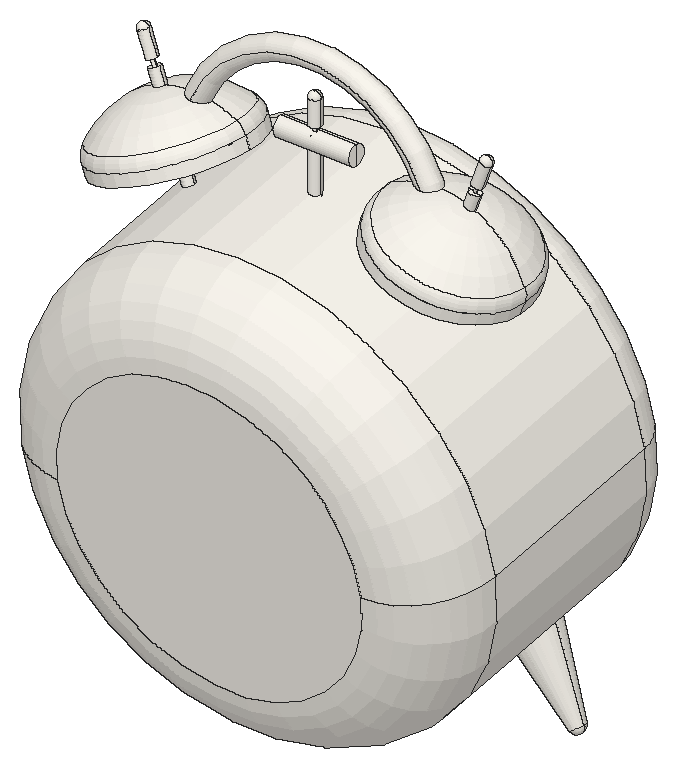
Revit family "Relógio de mesa analógico", category Furniture, Revit 2016
Family settings
  OmniClass Number = 23.40.20.00
  OmniClass Title = General Furniture and Specialties
  Work Plane-Based = No
  Always vertical = Yes
  Cut with Voids When Loaded = No
  Shared = No
  Room Calculation Point = No
Parameters
  Ponteiro = PVC preto
  Pernas = inox
  Marcadores = PVC preto
  Fundo = PVC branco
  Corpo = inox
  Alarme = inox
Reference planes (cm)
  plane 1 "Centro (Frente/Trás)": y = 0
  plane 2: z = 0
  plane 3 "Centro (Esquerda/Direita)": x = 0
Forms (cm)
  Extrusion 1, solid, material "inox" <- "Corpo"
    sketch origin (0, 0.9507, 1.0838) x (1, 0, 0) y (0, -0.173648, 0.984808)
      loop
        circle (0, 6) r 6
    from 0 to 8
  Sweep 2, void
    path in 3D
      loop
        arc (6, -7.9696, 5.6034) -> (0, -6.9277, -0.3054) -> (-6, -7.9696, 5.6034) r 6
        arc (-6, -7.9696, 5.6034) -> (0, -9.0115, 11.5123) -> (6, -7.9696, 5.6034) r 6
    profile origin (0, -9.0115, 11.5123) x (0, -0.173648, 0.984808) y (0, -0.984808, -0.173648)
      loop
        line (0, 0) -> (-2, 0)
        arc (-2, 0) -> (-0.5858, -0.5858) -> (0, -2) r 2
        line (0, -2) -> (0, 0)
  Extrusion 3, void
    sketch origin (0, 0.9507, 1.0838) x (1, 0, 0) y (0, -0.173648, 0.984808)
      loop
        circle (0, 6) r 4.5
    from 0 to 1
  Sweep 4, void
    path in 3D
      loop
        arc (-6, -0.0912, 6.9926) -> (0, 0.9507, 1.0838) -> (6, -0.0912, 6.9926) r 6
        arc (6, -0.0912, 6.9926) -> (0, -1.133, 12.9015) -> (-6, -0.0912, 6.9926) r 6
    profile origin (0, -1.133, 12.9015) x (0, -0.173648, 0.984808) y (0, 0.984808, 0.173648)
      loop
        line (0, 0) -> (-1, 0)
        arc (-1, 0) -> (-0.2929, -0.2929) -> (0, -1) r 1
        line (0, -1) -> (0, 0)
  Revolve 5, solid, material "inox" <- "Pernas"
    sketch origin (5.0063, -2, 0.1103) x (0.866025, 0, 0.5) y (-0.5, 0, 0.866025)
      loop
        arc (0.0474, 0) -> (0.1754, 0.0452) -> (0.245, 0.1618) r 0.2
        line (0.245, 0.1618) -> (0.8556, 3.303) -> (0.0474, 3.303) -> (0.0474, 0)
      axis (0.0474, 0) -> (0.0474, 3.303)
    angle from 0 to 360
  Revolve 6, solid, material "inox" <- "Pernas"
    sketch origin (-5.0063, -2, 0.1103) x (-0.866025, 0, 0.5) y (-0.5, 0, -0.866025)
      loop
        line (0.0474, 0) -> (0.0474, -3.303) -> (0.8556, -3.303) -> (0.245, -0.1618)
        arc (0.245, -0.1618) -> (0.1754, -0.0452) -> (0.0474, 0) r 0.2
      axis (0.0474, 0) -> (0.0474, -3.303)
    angle from 0 to 360
  Revolve 7, solid, material "inox" <- "Alarme"
    sketch origin (2.0438, -4.5, 0.9073) x (0.939693, 0, 0.34202) y (-0.34202, 0, 0.939693)
      loop
        line (-1.5, 12.3563) -> (-1.5, 13.8519)
        arc (-1.5, 13.8519) -> (-2.5286, 13.6305) -> (-3.375, 13.0055) r 2.5
        arc (-3.375, 13.0055) -> (-3.4677, 12.8516) -> (-3.5, 12.6748) r 0.5
        line (-3.5, 12.6748) -> (-3.5, 12.3563) -> (-1.5, 12.3563)
      axis (-1.5, 12.3563) -> (-1.5, 13.8519)
    angle from 0 to 360
  Sweep 8, solid, material "inox" <- "Alarme"
    path origin (0, -4.5, 0) x (1, 0, 0) y (0, 0, 1)
      loop
        arc (3.3238, 12.2211) -> (0, 15.5449) -> (-3.3238, 12.2211) r 3.3238
    profile origin (0, -4.5, 15.5449) x (0, 0, -1) y (0, -1, 0)
      loop
        circle (0, 0) r 0.3
  Revolve 9, solid, material "inox" <- "Alarme"
    sketch origin (0, -4.4717, 0) x (1, 0, 0) y (0, 0, 1)
      loop
        arc (-4.5837, 14.7305) -> (-4.6683, 14.6529) -> (-4.6733, 14.5382) r 0.15
        line (-4.6733, 14.5382) -> (-4.4495, 13.9232) -> (-4.3492, 13.9597) -> (-4.2792, 13.7673) -> (-4.3794, 13.7308) -> (-3.4763, 11.2493) -> (-3.3353, 11.3006) -> (-4.5837, 14.7305)
      axis (-3.3353, 11.3006) -> (-4.5837, 14.7305)
    angle from 0 to 360
  Revolve 10, solid, material "inox" <- "Alarme"
    sketch origin (4.3021, -4.4717, 0.6563) x (1, 0, 0) y (0, 0, 1)
      loop
        arc (-4.3021, 14.0302) -> (-4.4081, 13.9862) -> (-4.4521, 13.8802) r 0.15
        line (-4.4521, 13.8802) -> (-4.4521, 13.2256) -> (-4.3454, 13.2256) -> (-4.3454, 13.0209) -> (-4.4521, 13.0209) -> (-4.4521, 10.3802) -> (-4.3021, 10.3802) -> (-4.3021, 14.0302)
      axis (-4.3021, 10.3802) -> (-4.3021, 14.0302)
    angle from 0 to 360
  Revolve 11, solid, material "inox" <- "Alarme"
    sketch origin (0, -4.4375, 0) x (1, 0, 0) y (0, 0, 1)
      loop
        line (1.0637, 13.5132) -> (1.0637, 13.7632) -> (-0.9363, 13.7632) -> (-0.9363, 13.5132) -> (1.0637, 13.5132)
      axis (1.0637, 13.5132) -> (-0.9363, 13.5132)
    angle from 0 to 360
  Revolve 12, solid, material "inox" <- "Alarme"
    sketch origin (-2.0438, -4.5, 0.9073) x (-0.939693, 0, 0.34202) y (-0.34202, 0, -0.939693)
      loop
        line (-1.5, -12.3563) -> (-3.5, -12.3563) -> (-3.5, -12.6748)
        arc (-3.5, -12.6748) -> (-3.4677, -12.8516) -> (-3.375, -13.0055) r 0.5
        arc (-3.375, -13.0055) -> (-2.5286, -13.6305) -> (-1.5, -13.8519) r 2.5
        line (-1.5, -13.8519) -> (-1.5, -12.3563)
      axis (-1.5, -12.3563) -> (-1.5, -13.8519)
    angle from 0 to 360
  Revolve 13, solid, material "inox" <- "Alarme"
    sketch origin (0, -4.4717, 0) x (-1, 0, 0) y (0, 0, -1)
      loop
        line (-4.5837, -14.7305) -> (-3.3353, -11.3006) -> (-3.4763, -11.2493) -> (-4.3794, -13.7308) -> (-4.2792, -13.7673) -> (-4.3492, -13.9597) -> (-4.4495, -13.9232) -> (-4.6733, -14.5382)
        arc (-4.6733, -14.5382) -> (-4.6683, -14.6529) -> (-4.5837, -14.7305) r 0.15
      axis (-3.3353, -11.3006) -> (-4.5837, -14.7305)
    angle from 0 to 360
  Extrusion 14, solid, material "PVC branco" <- "Fundo"
    sketch origin (0, 0.9507, 1.0838) x (-1, 0, 0) y (0, -0.173648, 0.984808)
      loop
        circle (0, 6) r 4.5
    from -0.8 to -1
  Extrusion 15, solid, material "PVC preto" <- "Marcadores"
    sketch origin (0, 0.1629, 0.9449) x (-1, 0, 0) y (0, -0.173648, 0.984808)
      loop
        line (-0.1, 10.0942) -> (-0.1, 9.4942) -> (0.1, 9.4942) -> (0.1, 10.0942) -> (-0.1, 10.0942)
    from 0 to 0.2
  Extrusion 16, solid, material "PVC preto" <- "Marcadores"
    sketch origin (-3, 0.0233, 1.7365) x (-0.866025, -0.086824, 0.492404) y (0.5, -0.150384, 0.852869)
      loop
        line (-0.1, 10.0942) -> (-0.1, 9.4942) -> (0.1, 9.4942) -> (0.1, 10.0942) -> (-0.1, 10.0942)
    from 0 to 0.2
  Extrusion 17, solid, material "PVC preto" <- "Marcadores"
    sketch origin (-5.1962, -0.3581, 3.8993) x (-0.5, -0.150384, 0.852869) y (0.866025, -0.086824, 0.492404)
      loop
        line (-0.1, 10.0942) -> (-0.1, 9.4942) -> (0.1, 9.4942) -> (0.1, 10.0942) -> (-0.1, 10.0942)
    from 0 to 0.2
  Extrusion 18, solid, material "PVC preto" <- "Marcadores"
    sketch origin (-6, -0.879, 6.8537) x (0, -0.173648, 0.984808) y (1, 0, 0)
      loop
        line (-0.1, 10.0942) -> (-0.1, 9.4942) -> (0.1, 9.4942) -> (0.1, 10.0942) -> (-0.1, 10.0942)
    from 0 to 0.2
  Extrusion 19, solid
    sketch origin (0, 0.1629, 12.7626) x (-1, 0, 0) y (0, 0.173648, 0.984808)
      loop
        line (-0.1, -10.0942) -> (0.1, -10.0942) -> (0.1, -9.4942) -> (-0.1, -9.4942) -> (-0.1, -10.0942)
    from 0 to 0.2
  Extrusion 20, solid
    sketch origin (-3, 0.0233, 11.9709) x (-0.866025, -0.086824, -0.492404) y (-0.5, 0.150384, 0.852869)
      loop
        line (-0.1, -10.0942) -> (0.1, -10.0942) -> (0.1, -9.4942) -> (-0.1, -9.4942) -> (-0.1, -10.0942)
    from 0 to 0.2
  Extrusion 21, solid
    sketch origin (-5.1962, -0.3581, 9.8081) x (-0.5, -0.150384, -0.852869) y (-0.866025, 0.086824, 0.492404)
      loop
        line (-0.1, -10.0942) -> (0.1, -10.0942) -> (0.1, -9.4942) -> (-0.1, -9.4942) -> (-0.1, -10.0942)
    from 0 to 0.2
  Extrusion 22, solid, material "PVC preto" <- "Marcadores"
    sketch origin (3, 0.0233, 1.7365) x (0.866025, -0.086824, 0.492404) y (0.5, 0.150384, -0.852869)
      loop
        line (-0.1, -10.0942) -> (0.1, -10.0942) -> (0.1, -9.4942) -> (-0.1, -9.4942) -> (-0.1, -10.0942)
    from 0 to 0.2
  Extrusion 23, solid, material "PVC preto" <- "Marcadores"
    sketch origin (5.1962, -0.3581, 3.8993) x (0.5, -0.150384, 0.852869) y (0.866025, 0.086824, -0.492404)
      loop
        line (-0.1, -10.0942) -> (0.1, -10.0942) -> (0.1, -9.4942) -> (-0.1, -9.4942) -> (-0.1, -10.0942)
    from 0 to 0.2
  Extrusion 24, solid, material "PVC preto" <- "Marcadores"
    sketch origin (6, -0.879, 6.8537) x (0, -0.173648, -0.984808) y (-1, 0, 0)
      loop
        line (-0.1, 10.0942) -> (-0.1, 9.4942) -> (0.1, 9.4942) -> (0.1, 10.0942) -> (-0.1, 10.0942)
    from 0 to 0.2
  Extrusion 25, solid, material "PVC preto" <- "Marcadores"
    sketch origin (-5.1962, -1.3999, 9.8081) x (0.5, -0.150384, 0.852869) y (0.866025, 0.086824, -0.492404)
      loop
        line (-0.1, 10.0942) -> (-0.1, 9.4942) -> (0.1, 9.4942) -> (0.1, 10.0942) -> (-0.1, 10.0942)
    from 0 to 0.2
  Extrusion 26, solid, material "PVC preto" <- "Marcadores"
    sketch origin (-3, -1.7813, 11.9709) x (0.866025, -0.086824, 0.492404) y (0.5, 0.150384, -0.852869)
      loop
        line (-0.1, 10.0942) -> (-0.1, 9.4942) -> (0.1, 9.4942) -> (0.1, 10.0942) -> (-0.1, 10.0942)
    from 0 to 0.2
  Extrusion 27, solid, material "PVC preto" <- "Marcadores"
    sketch origin (5.1962, -1.3999, 9.8081) x (-0.5, -0.150384, 0.852869) y (0.866025, -0.086824, 0.492404)
      loop
        line (-0.1, -10.0942) -> (0.1, -10.0942) -> (0.1, -9.4942) -> (-0.1, -9.4942) -> (-0.1, -10.0942)
    from 0 to 0.2
  Extrusion 28, solid, material "PVC preto" <- "Marcadores"
    sketch origin (3, -1.7813, 11.9709) x (-0.866025, -0.086824, 0.492404) y (0.5, -0.150384, 0.852869)
      loop
        line (-0.1, -10.0942) -> (0.1, -10.0942) -> (0.1, -9.4942) -> (-0.1, -9.4942) -> (-0.1, -10.0942)
    from 0 to 0.2
  Extrusion 29, solid, material "PVC preto" <- "Marcadores"
    sketch origin (0, -1.9209, 12.7626) x (1, 0, 0) y (0, 0.173648, -0.984808)
      loop
        line (-0.1, 10.0942) -> (-0.1, 9.4942) -> (0.1, 9.4942) -> (0.1, 10.0942) -> (-0.1, 10.0942)
    from 0 to 0.2
  Extrusion 30, solid, material "PVC preto" <- "Ponteiro"
    sketch origin (-4.5052, 0.1629, 0.9449) x (-1, 0, 0) y (0, -0.173648, 0.984808)
      loop
        circle (-4.5, 6) r 0.3
    from 0 to 0.6
  Extrusion 31, solid, material "PVC preto" <- "Ponteiro"
    sketch origin (4.2853, 0.1629, 2.7689) x (-0.710103, 0, -0.704098) y (-0.693401, -0.173648, 0.699315)
      loop
        line (0, 5.5058) -> (0.2, 5.5058) -> (0.2, 10.2862) -> (0, 10.2862) -> (0, 5.5058)
    from 0.3 to 0.5
  Extrusion 32, solid, material "PVC preto" <- "Ponteiro"
    sketch origin (-5.2014, -0.1276, 3.9213) x (-0.487771, -0.122788, 0.864293) y (0.871659, -0.122788, 0.474483)
      loop
        line (-0.0889, 5.5058) -> (0.3778, 5.5058) -> (0.3778, 8.824) -> (-0.0889, 8.824) -> (-0.0889, 5.5058)
    from 0.3 to 0.5
Cuts and joins
  Sweep 2, Extrusion 3, Sweep 4 cuts Extrusion 1
Lines and regions (cm)
  sketch lines
    curve 1: arc (-6, -7.9696, 5.6034) -> (0, -9.0115, 11.5123) -> (6, -7.9696, 5.6034) r 6
    curve 2: arc (6, -7.9696, 5.6034) -> (0, -6.9277, -0.3054) -> (-6, -7.9696, 5.6034) r 6
    curve 3: arc (6, -0.0912, 6.9926) -> (0, -1.133, 12.9015) -> (-6, -0.0912, 6.9926) r 6
    curve 4: arc (-6, -0.0912, 6.9926) -> (0, 0.9507, 1.0838) -> (6, -0.0912, 6.9926) r 6
Text (cm)
  text "desenvolvido por:@arquitetofernandogoes" at (11.4133, 8.7992, -2.812), in view "Vista 1"
Dimensions and locks (cm)
  aligned and locked: level to plane 2
